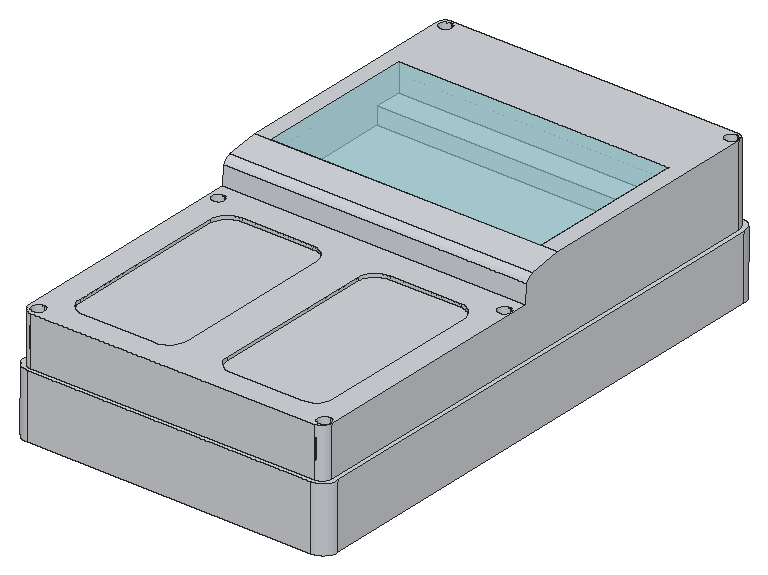
Revit family "Building-ConnessioniIEC309-GEWISS-COMBIBLOC_QUADRETTO_2PRESE", category Apparecchi elettrici, host Superficie, Revit 2019
Family settings
  Host = Superficie
  Mantenere orientamento annotazione = Sì
  Quota connettore circolare = Usa diametro
  Tipo di parte = Normale
  Taglio con vuoti quando caricato = No
  Condiviso = No
  Punto di calcolo locali = Sì
Parameters (values of type "GW66492 - QUADR.IP55 VUOTO VERT. COMBIBLOC 2 PRESE")
  simbolo 2d [instance] = yes
  Versione file RFA = "21.10"
  URL = "https://www.gewiss.com/it/it"
  Tipologia di installazione = "Da parete"
  Tipo versione = "Vuoto"
  Termopressione con biglia = "70 °C"
  Temperatura di utilizzo = "-25 +40 °C"
  Spostamento_effettivo_S [instance] = 4000 mm - Spostamento_S  # 2580 mm
  Spostamento_S = 1420 mm
  Scheda Tecnica = "https://www.gewiss.com/it/it/search?q=GW66492"
  STRUTTURA ALTA = Poche
  STRUTTURA = RAL - 7035
  SEO = "Quadretto"
  Resistenza agli urti = "IK08"
  Default Elevation = 1219.2 mm
  Produttore = "GEWISS S.p.A."
  Potenza dissipabile (W) = "13"
  Per prese: = "Compatte"
  N. prese IB alloggiabili: = "2 COMBIBLOC 16/32 A"
  N. mod. EN 50022 = "8"
  N. flange in dotazione = "1"
  Modello = "GW66492"
  IDT = "eb3db09c38ad46b3b0133e3f89be51f6"
  IDF = "f57debc0-b07c-4585-8803-d05d85eef5f5"
  Grado di protezione = "IP55"
  Glow wire test: = "Vuoto"
  Glow Wire Test = "650°C"
  Dotazioni = "70 °C"
  Descrizione = "QUADR.IP55 VUOTO VERT. COMBIBLOC 2 PRESE"
  Creato da GEWISS S.p.A. = ""
  ConformitÃ  normativa = "EN 62208"
  Colore = "Grigio RAL 7035"
  Codice Electrocod = "0321"
  Classe isolamento = "II"
  Catalogo = "BUILDING"
  COBie.Tagnumber = ""
  COBie.CreatedOn = ""
  COBie.CreatebBy = ""
  COBie.ComponentRegisterItemID = ""
  COBie.Component.TagNumber = ""
  COBie.Component.Space = ""
  COBie.Component.SerialNumber = ""
  COBie.Component.InstallationDate = ""
  COBie.Component.Description = ""
  COBie.Component.BarCode = ""
Reference planes
  plane 1 "Centro (Fronte/Retro)": y = 0
  plane 2: z = 0
  plane 3 "Centro (Sinistra/Destra)": x = 0
  plane 4: x = -3000
  plane 5: x = -420
Forms (mm)
  Extrusion 1, solid, detail levels coarse
    sketch origin (0, 0, 0) x (1, 0, 0) y (0, 1, 0)
      loop
        line (0, 359.912) -> (0, 0) -> (210, 0) -> (210, 359.912) -> (0, 359.912)
    from 0 to 96
Lines and regions (mm)
  symbolic lines
    curve 1: line (2.511, 0, 105.105) -> (207.489, 0, 105.105)
    curve 2: line (2.511, 0, 81.105) -> (2.511, 0, 105.105)
    curve 3: line (207.489, 0, 81.105) -> (2.511, 0, 81.105)
    curve 4: line (207.489, 0, 105.105) -> (207.489, 0, 81.105)
    curve 5: line (0, 0, 81.105) -> (210, 0, 81.105)
    curve 6: line (0, 0, 0) -> (0, 0, 81.105)
    curve 7: line (210, 0, 0) -> (0, 0, 0)
    curve 8: line (210, 0, 81.105) -> (210, 0, 0)
Dimensions and locks
  plane 4 to plane 3 "Centro (Sinistra/Destra)" = 3000 mm
  "Spostamento_effettivo_S": plane 4 to plane 5
  aligned and locked: plane 2 to host face
  aligned and locked: level to host face
  aligned and locked: plane 1 "Centro (Fronte/Retro)" to nested 2
  aligned and locked: plane 3 "Centro (Sinistra/Destra)" to nested 2
  aligned and locked: Extrusion 1 sketch curve to nested 2  (x2)
  aligned and locked: Extrusion 1 to nested 2  (x3)
  aligned and locked: nested 2 to host face
  aligned and locked: nested 1 to plane 5
  aligned and locked: plane 3 "Centro (Sinistra/Destra)" to import instance
  aligned and locked: plane 1 "Centro (Fronte/Retro)" to import instance
Automatic sketch dimensions
  host sketch curve to host sketch curve = 2438.4 mm  (x2)
  plane 3 "Centro (Sinistra/Destra)" to Extrusion 1 sketch curve = 210 mm
  Extrusion 1 sketch curve to plane 1 "Centro (Fronte/Retro)" = 359.912 mm
  curve 7 to level = 0 mm
  curve 7 to plane 3 "Centro (Sinistra/Destra)" = 0 mm
  plane 3 "Centro (Sinistra/Destra)" to curve 3 = 2.511 mm
  curve 1 to curve 1 = 204.977 mm
  curve 3 to curve 7 = 2.511 mm
  level to curve 2 = 81.105 mm
  curve 8 to curve 3 = 0 mm
  curve 2 to curve 2 = 24 mm
Nested families
  nested 1: "simb_CENTRALINO_BASE_cad pro" at (-420, 737.795, 0), visible <- "simbolo 2d", type "simb_CENTRALINO_BASE_cad pro"
    with Distanza dal muro 0.1 mm
  nested 2: "IB QUADRETTI PER 2 PRESE IB COMPATTE_base" at (0, 0, -32.045), type "IB QUADRETTI PER 2 PRESE IB COMPATTE_base", detail levels medium+fine
Definition of nested family "IB QUADRETTI PER 2 PRESE IB COMPATTE_base"
  Parameters (values of type "IB QUADRETTI PER 2 PRESE IB COMPATTE_base")
    d_piano = 32.045 mm
    Vetro = none
    Struttura = none
    Spessore = 96 mm
    Default Elevation = 14 mm
    Presa = none
    Larghezza = 210 mm
    IFC.TypeObject = ""
    IFC.ExportType = ""
    IFC.ExportAs = ""
    COBie.CreatedOn = ""
    COBie.CreatebBy = ""
    COBie.ComponentRegisterItemID = ""
    COBie.Component.TagNumber = ""
    COBie.Component.Space = ""
    COBie.Component.SerialNumber = ""
    COBie.Component.InstallationDate = ""
    COBie.Component.Description = ""
    COBie.Component.BarCode = ""
    Altezza = 359.912 mm
  Reference planes
    plane 1 "Centro (Fronte/Retro)": y = 0
    plane 2: z = 0
    plane 3 "Centro (Sinistra/Destra)": x = 0
    plane 4: y = 410.827
    plane 5: x = 210
    plane 6: y = 356.291
    plane 7: x = 3.621
    plane 8: x = 206.379
    plane 9: y = 2.821
    plane 10: y = 359.912
    plane 11: z = 32.045
    plane 12: z = 75.045
    plane 13: z = 128.045
    plane 14: x = 14.621
    plane 15: x = 195.379
    plane 16: y = 151.272
    plane 17: y = 18.44
    plane 18: z = 108.045
    plane 19: z = 105.984
    plane 20: y = 349.892
    plane 21: x = 201.523
    plane 22: x = 10.03
    plane 23: y = 304.922
    plane 24: y = 198.075
    plane 25: z = 120.562
    plane 26: x = 20.577
    plane 27: x = 119.47
    plane 28: x = 92.319
    plane 29: x = 190.983
  Forms (mm)
    Extrusion 1, solid
      sketch origin (0, 0, 84.734) x (0, -1, 0) y (1, 0, 0)
        loop
          arc (-359.912, 10) -> (-356.983, 2.929) -> (-349.912, 0) r 10
          line (-349.912, 0) -> (-10, 0)
          arc (-10, 0) -> (-2.929, 2.929) -> (0, 10) r 10
          line (0, 10) -> (0, 200)
          arc (0, 200) -> (-2.929, 207.071) -> (-10, 210) r 10
          line (-10, 210) -> (-349.912, 210)
          arc (-349.912, 210) -> (-356.983, 207.071) -> (-359.912, 200) r 10
          line (-359.912, 200) -> (-359.912, 10)
      from -52.69 to -9.69
    Extrusion 2, solid
      sketch origin (0, 0, 84.734) x (0, -1, 0) y (1, 0, 0)
        loop
          arc (-356.291, 10.121) -> (-354.387, 5.525) -> (-349.791, 3.621) r 6.5
          line (-349.791, 3.621) -> (-9.277, 3.621)
          arc (-9.277, 3.621) -> (-4.712, 5.512) -> (-2.821, 10.077) r 6.456
          line (-2.821, 10.077) -> (-2.821, 199.879)
          arc (-2.821, 199.879) -> (-4.725, 204.475) -> (-9.321, 206.379) r 6.5
          line (-9.321, 206.379) -> (-349.791, 206.379)
          arc (-349.791, 206.379) -> (-354.387, 204.475) -> (-356.291, 199.879) r 6.5
          line (-356.291, 199.879) -> (-356.291, 10.121)
      from -9.69 to 43.31
    Extrusion 3, void
      sketch origin (0, 0, 0) x (0, 1, 0) y (0, 0, 1)
        loop
          line (198.075, 128.045) -> (198.075, 113.321) -> (203.222, 113.321) -> (220.76, 97.788) -> (286.916, 97.788) -> (287.014, 109.308) -> (304.922, 109.308) -> (304.922, 128.045) -> (198.075, 128.045)
      from 14.621 to 195.379
    Extrusion 4, void
      sketch origin (0, 0, 0) x (0, 1, 0) y (0, 0, 1)
        loop
          line (2.821, 128.045) -> (2.821, 108.045) -> (171.66, 108.045) -> (172.491, 120.424)
          arc (172.491, 120.424) -> (174.549, 123.144) -> (177.585, 124.698) r 7.643
          arc (177.585, 124.698) -> (187.758, 126.813) -> (198.075, 128.045) r 120.646
          line (198.075, 128.045) -> (2.821, 128.045)
      from 3.621 to 206.379
    Extrusion 5, void
      sketch origin (0, 0, 84.734) x (0, -1, 0) y (1, 0, 0)
        loop
          arc (-151.272, 32.569) -> (-147.76, 24.089) -> (-139.28, 20.577) r 11.992
          line (-139.28, 20.577) -> (-30.44, 20.577)
          arc (-30.44, 20.577) -> (-21.955, 24.092) -> (-18.44, 32.577) r 12
          line (-18.44, 32.577) -> (-18.44, 80.319)
          arc (-18.44, 80.319) -> (-21.955, 88.804) -> (-30.44, 92.319) r 12
          line (-30.44, 92.319) -> (-139.272, 92.319)
          arc (-139.272, 92.319) -> (-147.757, 88.804) -> (-151.272, 80.319) r 12
          line (-151.272, 80.319) -> (-151.272, 32.569)
        loop
          arc (-151.272, 131.462) -> (-147.76, 122.982) -> (-139.28, 119.47) r 11.992
          line (-139.28, 119.47) -> (-30.44, 119.47)
          arc (-30.44, 119.47) -> (-21.955, 122.984) -> (-18.44, 131.47) r 12
          line (-18.44, 131.47) -> (-18.44, 178.983)
          arc (-18.44, 178.983) -> (-21.955, 187.469) -> (-30.44, 190.983) r 12
          line (-30.44, 190.983) -> (-139.272, 190.983)
          arc (-139.272, 190.983) -> (-147.757, 187.469) -> (-151.272, 178.983) r 12
          line (-151.272, 178.983) -> (-151.272, 131.462)
      from 21.25 to 23.31
    Extrusion 6, void
      sketch origin (0, 0, 84.734) x (0, -1, 0) y (1, 0, 0)
        loop
          circle (-349.892, 10.03) r 4.143
        loop
          circle (-349.892, 201.523) r 4.143
        loop
          circle (-159.833, 10.03) r 4.143
        loop
          circle (-159.833, 201.523) r 4.143
        loop
          circle (-9.22, 201.523) r 4.318
        loop
          circle (-9.22, 10.03) r 4.318
      from 0 to 43.31
    Extrusion 7, solid, material <- "Vetro"
      sketch origin (0, 0, 84.734) x (0, -1, 0) y (1, 0, 0)
        loop
          line (-198.075, 14.621) -> (-198.075, 195.379) -> (-304.922, 195.379) -> (-304.922, 14.621) -> (-198.075, 14.621)
      from 35.828 to 43.31
  Cuts and joins
    Extrusion 3, Extrusion 4, Extrusion 5, Extrusion 6 cuts Extrusion 2
  Dimensions and locks
    locked: plane 10 to plane 6 at 3.621
    locked: plane 3 "Centro (Sinistra/Destra)" to plane 7 at 3.621
    locked: plane 8 to plane 5 at 3.621
    locked: plane 1 "Centro (Fronte/Retro)" to plane 9 at 2.821
    locked: plane 12 to plane 11 at 43
    locked: plane 13 to plane 12 at 53
    locked: plane 7 to plane 14 at 11
    locked: plane 15 to plane 8 at 11
    Extrusion 5 to plane 1 "Centro (Fronte/Retro)" = 151.272 mm
    locked: plane 19 to plane 18 at 2.06
    "d_piano": plane 11 to level
    locked: plane 24 to plane 23 at 106.848
    locked: plane 13 to plane 25 at 7.483
    "Larghezza": plane 3 "Centro (Sinistra/Destra)" to plane 5
    locked: plane 21 to plane 8 at 4.856
    plane 27 to plane 29 = 71.514 mm
    radius of Extrusion 1 sketch curve = 10 mm  (x4)
    radius of Extrusion 2 sketch curve = 6.5 mm  (x3)
    radius of Extrusion 5 sketch curve = 11.992 mm
    radius of Extrusion 5 sketch curve = 12 mm  (x3)
    aligned and locked: level to plane 2
    aligned and locked: Extrusion 1 sketch curve to plane 10
    aligned and locked: Extrusion 1 sketch curve to plane 3 "Centro (Sinistra/Destra)"
    aligned and locked: Extrusion 1 sketch curve to plane 5
    aligned and locked: Extrusion 1 sketch curve to plane 1 "Centro (Fronte/Retro)"
    aligned and locked: Extrusion 1 to plane 11
    aligned and locked: plane 12 to Extrusion 1
    aligned and locked: Extrusion 2 sketch curve to plane 6
    aligned and locked: Extrusion 2 sketch curve to plane 7
    aligned and locked: Extrusion 2 sketch curve to plane 8
    aligned and locked: Extrusion 2 sketch curve to plane 9
    aligned and locked: Extrusion 2 to plane 12
    aligned and locked: plane 13 to Extrusion 2
    aligned and locked: Extrusion 3 sketch curve to plane 13
    aligned and locked: Extrusion 4 sketch curve to plane 13
    aligned and locked: Extrusion 4 sketch curve to plane 9
    aligned and locked: plane 7 to Extrusion 4
    aligned and locked: Extrusion 4 to plane 8
    aligned and locked: plane 18 to Extrusion 4
    aligned and locked: Extrusion 5 to Extrusion 4
    aligned and locked: plane 19 to Extrusion 5
    aligned and locked: plane 20 to Extrusion 6 sketch curve
    aligned and locked: Extrusion 6 sketch curve to plane 20
    aligned and locked: plane 21 to Extrusion 6 sketch curve  (x3)
    aligned and locked: plane 22 to Extrusion 6 sketch curve
    aligned and locked: Extrusion 6 sketch curve to plane 22  (x2)
    aligned and locked: Extrusion 2 to Extrusion 6
    aligned and locked: plane 14 to Extrusion 3
    aligned and locked: Extrusion 3 to plane 15
    aligned and locked: plane 13 to Extrusion 7
    aligned and locked: Extrusion 7 to plane 25
    aligned and locked: plane 26 to Extrusion 5 sketch curve
    aligned and locked: plane 28 to Extrusion 5 sketch curve
    aligned and locked: plane 27 to Extrusion 5 sketch curve
    aligned and locked: plane 29 to Extrusion 5 sketch curve
    aligned and locked: Extrusion 5 sketch curve to plane 16
    aligned and locked: Extrusion 5 sketch curve to plane 17
  Automatic sketch dimensions
    plane 22 to Extrusion 2 sketch curve = 0.047 mm
    plane 16 to Extrusion 3 sketch curve = 46.803 mm
    Extrusion 3 sketch curve to Extrusion 3 sketch curve = 5.147 mm
    plane 19 to Extrusion 3 sketch curve = 8.196 mm
    Extrusion 3 sketch curve to Extrusion 3 sketch curve = 17.538 mm
    Extrusion 3 sketch curve to plane 20 = 62.976 mm
    Extrusion 3 sketch curve to plane 18 = 1.263 mm
    Extrusion 3 sketch curve to Extrusion 3 sketch curve = 0.098 mm
    Extrusion 3 sketch curve to Extrusion 3 sketch curve = 17.908 mm
    Extrusion 3 sketch curve to plane 18 = 5.276 mm
    plane 18 to Extrusion 4 sketch curve = 0 mm
    plane 16 to Extrusion 4 sketch curve = 20.387 mm
    Extrusion 4 sketch curve to plane 13 = 7.621 mm
    Extrusion 4 sketch curve to Extrusion 4 sketch curve = 0.831 mm
    Extrusion 4 sketch curve to Extrusion 4 sketch curve = 6.971 mm
    Extrusion 4 sketch curve to Extrusion 4 sketch curve = 18.613 mm
    level to Extrusion 4 sketch curve = 7.744 mm
    plane 16 to Extrusion 4 sketch curve = 55.931 mm
    Extrusion 4 sketch curve to Extrusion 4 sketch curve = 3.134 mm
    plane 16 to Extrusion 6 sketch curve = 8.561 mm  (x2)
    plane 9 to Extrusion 6 sketch curve = 6.399 mm  (x2)
    Extrusion 7 sketch curve to plane 14 = 0 mm
    Extrusion 7 sketch curve to plane 15 = 0 mm
    Extrusion 7 sketch curve to plane 23 = 0 mm
    Extrusion 7 sketch curve to plane 24 = 0 mm
    Extrusion 5 sketch curve to plane 16 = 0 mm
    Extrusion 5 sketch curve to plane 17 = 0 mm
    Extrusion 5 sketch curve to Extrusion 5 sketch curve = 11.992 mm
    Extrusion 5 sketch curve to plane 16 = 12 mm
    plane 17 to Extrusion 5 sketch curve = 12 mm  (x2)
    radius of Extrusion 6 sketch curve = 4.143 mm  (x4)
    radius of Extrusion 6 sketch curve = 4.318 mm  (x2)
Definition of nested family "simb_CENTRALINO_BASE_cad pro"
  Parameters (values of type "simb_CENTRALINO_BASE_cad pro")
    Distanza dal muro [instance] = 0 mm
  Reference planes
    plane 1: y = 0
    plane 2: x = 0
  Dimensions and locks
    "Distanza dal muro": plane 1 to nested 1
    aligned and locked: plane 2 to nested 1
  Nested families
    nested 1: "CENTRALINO_BASE_cad pro" at (0, 0, 0), type "CENTRALINO"
  Definition of nested family "CENTRALINO_BASE_cad pro"
    Parameters (values of type "CENTRALINO")
      Distanza dal muro = 0 mm
    Reference planes
      plane 1: y = 0
      plane 2: x = 0
    Lines and regions (mm)
      detail lines
        curve 1: line (1.33, 1.33, 0) -> (2.109, 1.33, 0)
        curve 2: line (2.109, 1.33, 0) -> (2.109, 0, 0)
        curve 3: line (2.109, 0, 0) -> (1.33, 0, 0)
        curve 4: line (1.33, 0, 0) -> (-1.33, 1.33, 0)
        curve 5: line (-1.33, 1.33, 0) -> (1.33, 1.33, 0)
        curve 6: line (1.33, 1.33, 0) -> (1.33, 0, 0)
        curve 7: line (1.33, 0, 0) -> (-1.33, 0, 0)
        curve 8: line (-1.33, 0, 0) -> (-1.33, 1.33, 0)
        curve 9: line (1.461, 0.665, 0) -> (1.977, 0.665, 0)
        curve 10: line (1.719, 0.665, 0) -> (1.719, 1.01, 0)
        curve 11: arc (1.977, 0.406, 0) -> (1.719, 0.665, 0) -> (1.461, 0.406, 0) r 0.258
